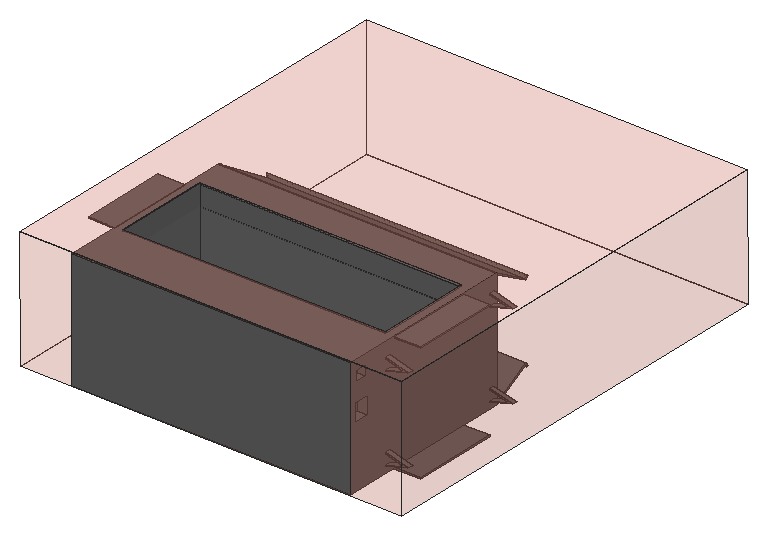
Revit family "HVAC_Fireplaces_Regency-Fireplace_Seattle-Gas-Fireplace_CST50E-3", category Specialty Equipment, host Face, Revit 2022
Family settings
  Host = Face
  Round Connector Dimension = Use Diameter
  Part Type = Normal
  OmniClass Number = 23.40.20.34.14
  OmniClass Title = Fireplaces
  Cut with Voids When Loaded = No
  Maintain Annotation Orientation = No
  Shared = No
  Room Calculation Point = No
Parameters (values of type "CST50E-NG")
  Width (lip to lip) = 23.19"  # constant formula
  Width = 62.38"  # constant formula
  Offset for back side note [instance] = "Cutting out the wall on the back side to install a fireplace in the middle of the wall"  # constant formula
  Offset for back side [instance] = 0"
  WIFI Dongle Instal = yes
  Voltage = 120 V
  Viewing opening width = 49.25"  # constant formula
  Viewing opening height = 18"  # constant formula
  Version = 1
  Ventilation flow = 0.0 L/s
  Vent Sizing [instance] = "5” Inner /8” Outer"  # constant formula
  Unit height = 41.56"  # constant formula
  Unit body width = 52.31"  # constant formula
  Unit body height = 41.56"  # constant formula
  Unit base to bottom opening = 10.13"  # constant formula
  URL = "https://www.regency-fire.com/en/default.aspx"
  Product data url = "https://bimobject.com/regency-fireplace-products/product/Seattle-See-Through-50-CST50E"
  Product Page URL = "https://www.regency-fire.com/en/Products/Gas/Designer-Gas-Fireplaces/CST50E"
  Product Documentation Link = "https://assets.regency-fire.com/getdoc/2705e629-61e2-47e5-886a-ab0fd8941888/Spec-Sheet-CST50E"
  Power Factor = 1
  Power Consumption = 0 W
  Pipe Diameter = 0.5"  # constant formula
  Orifce Size -Altitude 0-4500 ft = "# 36 DMS"
  Option 5_F [instance] = and(Installation clearance, and(Nom Option = 5, Nom Chase enclosure = 81.25"))  # no
  Option 3_F [instance] = and(Installation clearance, and(Nom Option = 3, Nom Chase enclosure = 81.25"))  # no
  Option 3_B(Wall) [instance] = and(Installation clearance, and(Nom Option = 3, Nom Chase enclosure < 81.25"))  # no
  Option 3_B [instance] = and(Installation clearance, or(and(Nom Option = 2, Nom Chase enclosure < 81.25"), and(Nom Option = 3, Nom Chase enclosure < 81.25")))  # no
  Option 2_F [instance] = and(Installation clearance, or(and(Nom Option = 2, Nom Chase enclosure = 81.25"), and(Nom Option = 3, Nom Chase enclosure = 81.25"), and(Nom Option = 4, Nom Chase enclosure = 81.25")))  # no
  Option 2_B [instance] = and(Installation clearance, or(and(Nom Option = 2, Nom Chase enclosure < 81.25"), and(Nom Option = 3, Nom Chase enclosure < 81.25"), and(Nom Option = 4, Nom Chase enclosure < 81.25"), and(Nom Option = 5, Nom Chase enclosure < 81.25")))  # no
  Option 1_F [instance] = and(Installation clearance, or(and(Nom Option = 1, Nom Chase enclosure = 81.25"), and(Nom Option = 2, Nom Chase enclosure = 81.25")))  # yes
  Option 1_B [instance] = and(Installation clearance, or(and(Nom Option = 1, Nom Chase enclosure < 81.25"), and(Nom Option = 4, Nom Chase enclosure < 81.25")))  # no
  Offset [instance] = 0"
  Number of Poles = 1
  Nom Wall Thickness [instance] = if(Offset for back side < 22.6" + Offset, 22.6" + Offset, Offset for back side)  # 22.6"
  Nom Option [instance] = if(or([Installation options (ventilation openings)] < 1, [Installation options (ventilation openings)] = 1), 1, if(and([Installation options (ventilation openings)] > 1, [Installation options (ventilation openings)] < 5), [Installation options (ventilation openings)], if(or([Installation options (ventilation openings)] > 5, [Installation options (ventilation openings)] = 5), 5, 0)))  # 1
  Nom Chase enclosure [instance] = if(or(Chase enclosure height < 52", Chase enclosure height = 52"), 52", if(and(Chase enclosure height > 52", Chase enclosure height < 81.25"), Chase enclosure height, if(or(Chase enclosure height > 81.25", Chase enclosure height = 81.25"), 81.25", 0")))  # 81.25"
  Nailing strip = 62.38"  # constant formula
  Model = "CST50E-NG"
  Minimum Supply Pressure = "5” W.C. (1.25 kPa)"
  Minimum Input Altitude 0-4500 ft. (0-1372m) = "19,000Btu/h (5.56 kW)"
  Maximum Input Altitude 0-4500 ft. (0-1372m) = "35,000 Btu/h (10.25 kW)"
  Manufacturer = "Regency Fireplace"  # constant formula
  Mantel leg clearance [instance] = no
  Mantel clearance [instance] = no
  Manifold Pressure - Low = "1.1” W.C. (0.27 kPa)"
  Manifold Pressure - High = "3.8” W.C. (0.94 kPa)"
  Installation type (dependent on the Chase enclosure height) [instance] = if(and(Nom Chase enclosure > 51.97", Chase enclosure height < 81.25"), "Bench Installation", if(or(Nom Chase enclosure = 81.25", Nom Chase enclosure > 81.25"), "Flush Installation", ""))  # "Flush Installation"
  Installation options note [instance] = if(and([Installation options (ventilation openings)] = 1, Nom Chase enclosure > 81.22047"), "Option 1 - Front", if(and([Installation options (ventilation openings)] = 2, Nom Chase enclosure > 81.22047"), "Option 2 - Front/Side ", if(and([Installation options (ventilation openings)] = 3, Nom Chase enclosure > 81.22047"), "Option 3 - Both Sides", if(and([Installation options (ventilation openings)] = 4, Nom Chase enclosure > 81.22047"), "Option 4 - One Side", if(and([Installation options (ventilation openings)] = 5, Nom Chase enclosure > 81.22047"), "Option 5 - Reveal at Top", if(and([Installation options (ventilation openings)] = 1, Nom Chase enclosure < 81.22047"), "Option 1 - Top", if(and([Installation options (ventilation openings)] = 2, Nom Chase enclosure < 81.22047"), "Option 2 - Front and Back", if(and([Installation options (ventilation openings)] = 3, Nom Chase enclosure < 81.22047"), "Option 3 - Front/Back Wall with second ventilation in separate room", if(and([Installation options (ventilation openings)] = 4, Nom Chase enclosure < 81.22047"), "Option 4 - Top and Front", if(and([Installation options (ventilation openings)] = 5, Nom Chase enclosure < 81.22047"), "Option 5 - Front", "Enter value 1 to 5"))))))))))  # "Option 1 - Front"
  Installation options (ventilation openings) [instance] = 1
  Installation clearance [instance] = yes
  Inner Panel Material = Regency Fireplace - Glass - Black Inner Panel
  Housing Material = Regency Fireplace - Metal - Black
  Height Wall [instance] = if(Chase enclosure height > 81.25", Chase enclosure height, if(Nom Chase enclosure = 81.25", 82", 81.25"))  # 82"
  Height = 41.56"  # constant formula
  Glass center to standoff = 30.63"  # constant formula
  Gas flow = 0.0 L/s
  Gas Flow Minimum Supply Pressure = "5\" WC/C.E. (0.94kPa)"
  Gas Connector Description = "Natural gas supply"
  Fuel Type = "Natural Gas"
  Frequency = 0 Hz
  Firebed Material [instance] = Regency Fireplace - Wood - Birch Log Set Firebed
  Faceplate Material = Regency Fireplace - Metal - Black
  Faceplate Installation [instance] = no
  Exhaust center to stand-off = 11.88"  # constant formula
  Duct Diameter = 8"  # constant formula
  Duct Connector Description = "5 Inner / 8 Outer"  # constant formula
  Description = "The Seattle See-Through 50” model is a stunning addition to our extremely popular City Series Lineup. Enjoy unmatched City Views from two rooms with our first see-through City Series designer gas fireplace. Featuring all the exceptional features of our entire City Series lineup, you can enjoy a frameless view of the fire (now from two sides!), finish direct to the edge of the fireplace with any material and hang TV's or artwork without worry with Regency's patented Cool Wall System."  # constant formula
  Depth = 23.19"  # constant formula
  Default Elevation = 0"  # constant formula
  Date Updated = ""
  Date Created = "2025/01/23"  # constant formula
  Chase enclosure height [instance] = 81.25"
  CSA P.4.1 = "57.49%"
  Apparent Load = Power Consumption / Power Factor  # 0 VA
Types (2): name | Orifce Size -Altitude 0-4500 ft | Option 1_F | Model | Minimum Supply Pressure | Minimum Input Altitude 0-4500 ft. (0-1372m) | Maximum Input Altitude 0-4500 ft. (0-1372m) | Manifold Pressure - Low | Manifold Pressure - High | Installation clearance | Gas Flow Minimum Supply Pressure | Gas Connector Description | Fuel Type | CSA P.4.1
  CST50E-NG | "# 36 DMS" | yes | "CST50E-NG" | "5” W.C. (1.25 kPa)" | "19,000Btu/h (5.56 kW)" | "35,000 Btu/h (10.25 kW)" | "1.1” W.C. (0.27 kPa)" | "3.8” W.C. (0.94 kPa)" | yes | "5\" WC/C.E. (0.94kPa)" | "Natural gas supply" | "Natural Gas" | "57.49%"
  CST50E-LP | "# 52 DMS" | no | "CST50E-LP" | "11” W.C. (2.73 kPa)" | "17,000 Btu/h (4.98 kW)" | "33,000 Btu/h (9.66 kW)" | "2.9” W.C. (0.72 kPa)" | "10.5” W.C. (2.62 kPa)" | no | "11\" WC/C.E. (0.72 kPa)" | "Propane gas supply" | "Propane" | "60.55%"
Reference planes (in)
  plane 1 "Center (Front/Back)": y = 0
  plane 2: z = 0
  plane 3 "Center (Left/Right)": x = 0
  plane 4: z = -11.3
  plane 5: z = -22.40157
  plane 6: z = -22.6
  plane 7: z = 0
  plane 8: z = -22.6
Forms (in)
  Extrusion 1, solid, material "Regency Fireplace - Metal - Black" <- "Housing Material"
    sketch origin (63.89446, 0, 0) x (-1, 0, 0) y (0, -1, 0)
      loop
        line (90.05071, 0) -> (37.73821, 0) -> (37.73821, -34.375) -> (90.05071, -34.375) -> (90.05071, 0)
    from -22.40157 to -0.19685
  Extrusion 2, void
    sketch origin (63.89446, 0, 0) x (0, -1, 0) y (-1, 0, 0)
      loop
        line (-41.5625, 95.08196) -> (-41.5625, 32.70696) -> (0, 32.70696) -> (0, 95.08196) -> (-41.5625, 95.08196)
    from 0.19685 to 22.40157
  Extrusion 3, void
    sketch origin (63.89446, 0, 0) x (0, -1, 0) y (-1, 0, 0)
      loop
        line (-10.11811, 88.51946) -> (-28.11024, 88.51946) -> (-28.11024, 39.26946) -> (-10.11811, 39.26946) -> (-10.11811, 88.51946)
    from 0 to 22.6
  Extrusion 4, solid, material "Regency Fireplace - Glass - Clear"
    sketch origin (63.89446, 0, 0) x (-1, 0, 0) y (0, 0, -1)
      loop
        line (39.26946, 3.93701) -> (88.51946, 3.93701) -> (88.51946, 4.13386) -> (39.26946, 4.13386) -> (39.26946, 3.93701)
      loop
        line (39.26946, 18.66142) -> (39.26946, 18.46457) -> (88.51946, 18.46457) -> (88.51946, 18.66142) -> (39.26946, 18.66142)
    from -28.11024 to -10.11811
  Extrusion 5, solid, material "Regency Fireplace - Wood - Birch Log Set Firebed" <- "Firebed Material", detail levels medium+fine
    sketch origin (63.89446, 0, 0) x (-1, 0, 0) y (0, 0, -1)
      loop
        line (88.51946, 18.46457) -> (39.26946, 18.46457) -> (39.26946, 4.13386) -> (88.51946, 4.13386) -> (88.51946, 18.46457)
    from -10.31496 to -10.11811
  Extrusion 6, solid, material "Regency Fireplace - Glass - Black Inner Panel" <- "Inner Panel Material", detail levels medium+fine
    sketch origin (63.89446, 0, 0) x (-1, 0, 0) y (0, 0, -1)
      loop
        line (39.53545, 18.46457) -> (39.26946, 18.46457) -> (39.26946, 4.13386) -> (39.53545, 4.13386) -> (39.53545, 18.46457)
    from -28.11024 to -10.31496
  Sweep 7, solid, material "Regency Fireplace - Metal - Black" <- "Housing Material"
    path in 3D
      loop
        line (26.15625, 34.375, -0.19685) -> (-26.15625, 34.375, -0.19685) -> (-26.15625, 34.375, -22.40157) -> (26.15625, 34.375, -22.40157)
    profile origin (0, 34.375, -0.19685) x (0, -1, 0) y (0, 0, 1)
      loop
        line (0, 0) -> (-6.73895, -3.89074) -> (-7.01702, -3.40911) -> (-7.1875, -3.50753) -> (-6.81101, -4.15964) -> (0, -0.2273) -> (0, 0)
  Extrusion 8, solid, material "Regency Fireplace - Metal - Black" <- "Housing Material"
    sketch origin (26.15625, 34.375, 0) x (-1, 0, 0) y (0, 0, 1)
      loop
        circle (7.43375, -11.20079) r 4
    from 0 to 0.18014
  Extrusion 9, void
    sketch origin (26.15625, 0, 0) x (0, 1, 0) y (0, 0, 1)
      loop
        line (1.28661, -2.02716) -> (1.28661, -3.99566) -> (3.64881, -3.99566) -> (3.64881, -2.02716) -> (1.28661, -2.02716)
      loop
        line (0.89291, -7.33852) -> (0.89291, -10.68979) -> (4.04252, -10.68979) -> (4.04252, -7.33852) -> (0.89291, -7.33852)
    from -2.03073 to 0
  Extrusion 10, solid
    sketch origin (24.12552, 0, 0) x (0, 1, 0) y (0, 0, 1)
      loop
        circle (2.46771, -3.01141) r 0.25197
    from 0 to 1.08482
  Extrusion 11, solid, material "Regency Fireplace - Clearance", visible <- "Installation clearance"
    sketch origin (63.89446, 0, 0) x (-1, 0, 0) y (0, 0, -1)
      loop
        line (28.01946, 0) -> (99.76946, 0) -> (99.76946, 22.6) -> (28.01946, 22.6) -> (28.01946, 0)
    from 0 to -81.25
  Extrusion 12, solid, material "Regency Fireplace - Clearance", visible <- "Option 5_F"
    sketch origin (63.89446, 81.25, 0) x (1, 0, 0) y (0, 0, -1)
      loop
        line (-28.01946, 0) -> (-28.01946, 22.6) -> (-99.76946, 22.6) -> (-99.76946, 0) -> (-28.01946, 0)
    from 0 to 1.73228
  Extrusion 13, solid, material "Regency Fireplace - Clearance", visible <- "Option 3_B(Wall)"
    sketch origin (63.89446, 81.25, 22.59843) x (1, 0, 0) y (0, 0, -1)
      loop
        line (-99.76946, 31.93071) -> (-28.01946, 31.93071) -> (-28.01946, 35.86772) -> (-99.76946, 35.86772) -> (-99.76946, 31.93071)
    from 0 to 0.75
  Extrusion 14, solid, material "Regency Fireplace - Clearance", visible <- "Mantel leg clearance"
    sketch origin (63.89446, 0, 0) x (-1, 0, 0) y (0, 0, -1)
      loop
        line (22.76946, 0) -> (22.76946, -12) -> (28.26946, -9) -> (33.76946, -7) -> (39.26946, -5) -> (39.26946, 0) -> (22.76946, 0)
      loop
        line (105.01946, 0) -> (88.51946, 0) -> (88.51946, -5) -> (94.01946, -7) -> (99.51946, -9) -> (105.01946, -12) -> (105.01946, 0)
      loop
        line (22.76946, 22.59843) -> (39.26946, 22.59843) -> (39.26946, 27.59843) -> (33.76946, 29.59843) -> (28.26946, 31.59843) -> (22.76946, 34.59843) -> (22.76946, 22.59843)
      loop
        line (105.01946, 22.59843) -> (105.01946, 34.59843) -> (99.51946, 31.59843) -> (94.01946, 29.59843) -> (88.51946, 27.59843) -> (88.51946, 22.59843) -> (105.01946, 22.59843)
    from 0 to -81.25
  Extrusion 15, solid, material "Regency Fireplace - Metal - Black" <- "Faceplate Material", visible <- "Faceplate Installation"
    sketch origin (63.89446, 0, 0) x (-1, 0, 0) y (0, -1, 0)
      loop
        line (88.51946, -28.11024) -> (88.51946, -10.11811) -> (39.26946, -10.11811) -> (39.26946, -28.11024) -> (88.51946, -28.11024)
      loop
        line (90.48796, -8.14961) -> (37.30096, -8.14961) -> (37.30096, -30.07874) -> (90.48796, -30.07874) -> (90.48796, -8.14961)
    from 0 to 0.3937
  Extrusion 16, solid, material "Regency Fireplace - Metal - Black" <- "Faceplate Material", visible <- "Faceplate Installation"
    sketch origin (63.89446, 0, 0) x (-1, 0, 0) y (0, -1, 0)
      loop
        line (88.51946, -28.11024) -> (88.51946, -10.11811) -> (39.26946, -10.11811) -> (39.26946, -28.11024) -> (88.51946, -28.11024)
      loop
        line (90.48796, -8.14961) -> (37.30096, -8.14961) -> (37.30096, -30.07874) -> (90.48796, -30.07874) -> (90.48796, -8.14961)
    from -22.99213 to -22.59843
  Sweep 17, solid, material "Regency Fireplace - Clearance", visible <- "Mantel clearance"
    path origin (63.89446, 0, 0) x (-1, 0, 0) y (0, 0, -1)
      loop
        line (28.01946, 0.19685) -> (99.76946, 0.19685)
    profile origin (0, 0, -0.19685) x (0, 0, -1) y (0, -1, 0)
      loop
        line (-0.19685, -28.11024) -> (-5.43307, -28.11024) -> (-5.43307, -28.61024) -> (-12.1922, -37.11024) -> (-0.19685, -37.11024) -> (-0.19685, -28.11024)
      loop
        line (22.40157, -28.11024) -> (22.40157, -37.11024) -> (34.39693, -37.11024) -> (27.6378, -28.61024) -> (27.6378, -28.11024) -> (22.40157, -28.11024)
  Extrusion 18, solid, material "Regency Fireplace - Metal - Black" <- "Housing Material"
    sketch origin (-30.03125, 34.375, -0.17717) x (1, 0, 0) y (0, 0, -1)
      loop
        line (56.1875, 0.01969) -> (61.21875, 0.01969) -> (61.21875, 0.21654) -> (56.1875, 0.21654) -> (56.1875, 0.01969)
      loop
        line (56.1875, 22.22441) -> (56.1875, 22.02756) -> (61.21875, 22.02756) -> (61.21875, 22.22441) -> (56.1875, 22.22441)
      loop
        line (3.875, 0.01969) -> (3.875, 0.21654) -> (-1.15625, 0.21654) -> (-1.15625, 0.01969) -> (3.875, 0.01969)
      loop
        line (3.875, 22.22441) -> (-1.15625, 22.22441) -> (-1.15625, 22.02756) -> (3.875, 22.02756) -> (3.875, 22.22441)
    from -24.25689 to -7.95276
  Extrusion 19, solid, material "Regency Fireplace - Metal - Black" <- "Housing Material"
    sketch origin (-1.9375, 0, -0.17717) x (1, 0, 0) y (0, 0, 1)
      loop
        line (28.09375, -4.88924) -> (32.535, -3.69921) -> (28.09375, -2.50918) -> (28.09375, -2.71624) -> (31.76226, -3.69921) -> (28.09375, -4.68219) -> (28.09375, -4.88924)
      loop
        line (28.09375, -18.49918) -> (28.09375, -18.70624) -> (31.76226, -19.68921) -> (28.09375, -20.67219) -> (28.09375, -20.87924) -> (32.535, -19.68921) -> (28.09375, -18.49918)
    from -33.5 to -32.5
  Extrusion 20, solid, material "Regency Fireplace - Metal - Black" <- "Housing Material"
    sketch origin (-1.9375, -27, -0.17717) x (1, 0, 0) y (0, 0, 1)
      loop
        line (28.09375, -4.88924) -> (32.535, -3.69921) -> (28.09375, -2.50918) -> (28.09375, -2.71624) -> (31.76226, -3.69921) -> (28.09375, -4.68219) -> (28.09375, -4.88924)
      loop
        line (28.09375, -18.49918) -> (28.09375, -18.70624) -> (31.76226, -19.68921) -> (28.09375, -20.67219) -> (28.09375, -20.87924) -> (32.535, -19.68921) -> (28.09375, -18.49918)
    from -36 to -35
Cuts and joins
  Extrusion 3, Extrusion 9 cuts Extrusion 1
  Extrusion 3 cuts Extrusion 11
Lines and regions (in)
  Masking region 1
    outline origin (0, 0, 0) x (1, 0, 0) y (0, 0, 1)
      loop
        line (-26.15625, -0.19685) -> (-26.15625, -22.40157) -> (26.15625, -22.40157) -> (26.15625, -0.19685) -> (-26.15625, -0.19685)
  Masking region 2
    outline origin (0, 0, 0) x (1, 0, 0) y (0, 0, 1)
      loop
        circle (18.7225, -11.20079) r 4
  Masking region 3
    outline origin (0, 0, 0) x (1, 0, 0) y (0, 0, 1)
      loop
        line (-26.15625, -0.19685) -> (-26.15625, -22.40157) -> (26.15625, -22.40157) -> (26.15625, -18.24193) -> (-21.99661, -18.24193) -> (-21.99661, -4.35649) -> (26.15625, -4.35649) -> (26.15625, -0.19685) -> (-26.15625, -0.19685)
  Masking region 4, visible <- "Faceplate Installation"
    outline origin (0, 0, 0) x (1, 0, 0) y (0, 0, 1)
      loop
        line (-26.5935, -22.99213) -> (26.5935, -22.99213) -> (26.5935, -22.59843) -> (-26.5935, -22.59843) -> (-26.5935, -22.99213)
      loop
        line (26.5935, 0.3937) -> (-26.5935, 0.3937) -> (-26.5935, 0) -> (26.5935, 0) -> (26.5935, 0.3937)
  Masking region 5, visible <- "Mantel clearance"
    outline origin (0, 0, 0) x (1, 0, 0) y (0, 1, 0)
      loop
        line (-35.875, 37.11024) -> (-35.875, 28.11024) -> (35.875, 28.11024) -> (35.875, 37.11024) -> (-35.875, 37.11024)
  Masking region 6
    outline origin (0, 0, 0) x (1, 0, 0) y (0, 1, 0)
      loop
        line (-24.625, 28.11024) -> (-24.625, 10.11811) -> (24.625, 10.11811) -> (24.625, 28.11024) -> (-24.625, 28.11024)
  Masking region 7, visible <- "Faceplate Installation"
    outline origin (0, 0, 0) x (1, 0, 0) y (0, 1, 0)
      loop
        line (-24.625, 28.11024) -> (-24.625, 10.11811) -> (24.625, 10.11811) -> (24.625, 28.11024) -> (-24.625, 28.11024)
      loop
        line (-26.5935, 30.07874) -> (-26.5935, 8.14961) -> (26.5935, 8.14961) -> (26.5935, 30.07874) -> (-26.5935, 30.07874)
  Masking region 8, visible <- "Mantel leg clearance"
    outline origin (0, 0, 0) x (1, 0, 0) y (0, 1, 0)
      loop
        line (-41.125, 81.25) -> (-41.125, 0) -> (-35.625, 0) -> (-35.625, 81.25) -> (-41.125, 81.25)
      loop
        line (41.125, 81.25) -> (35.625, 81.25) -> (35.625, 0) -> (41.125, 0) -> (41.125, 81.25)
  Masking region 9, visible <- "Mantel leg clearance"
    outline origin (0, 0, 0) x (1, 0, 0) y (0, 1, 0)
      loop
        line (-24.625, 81.25) -> (-35.625, 81.25) -> (-35.625, 0) -> (-24.625, 0) -> (-24.625, 81.25)
      loop
        line (24.625, 81.25) -> (24.625, 0) -> (35.625, 0) -> (35.625, 81.25) -> (24.625, 81.25)
  Masking region 10, visible <- "Mantel leg clearance"
    outline origin (0, 0, 0) x (1, 0, 0) y (0, 0, 1)
      loop
        line (-30.125, 7) -> (-35.625, 9) -> (-41.125, 12) -> (-41.125, 0) -> (-24.625, 0) -> (-24.625, 5) -> (-30.125, 7)
      loop
        line (-35.625, -31.59843) -> (-30.125, -29.59843) -> (-24.625, -27.59843) -> (-24.625, -22.59843) -> (-41.125, -22.59843) -> (-41.125, -34.59843) -> (-35.625, -31.59843)
      loop
        line (24.625, -27.59843) -> (30.125, -29.59843) -> (35.625, -31.59843) -> (41.125, -34.59843) -> (41.125, -22.59843) -> (24.625, -22.59843) -> (24.625, -27.59843)
      loop
        line (30.125, 7) -> (24.625, 5) -> (24.625, 0) -> (41.125, 0) -> (41.125, 12) -> (35.625, 9) -> (30.125, 7)
  Masking region 11, visible <- "Mantel clearance"
    outline origin (0, 0, 0) x (1, 0, 0) y (0, 0, 1)
      loop
        line (35.875, 11.99535) -> (-35.875, 11.99535) -> (-35.875, 0) -> (35.875, 0) -> (35.875, 11.99535)
      loop
        line (-35.875, -34.59378) -> (35.875, -34.59378) -> (35.875, -22.59843) -> (-35.875, -22.59843) -> (-35.875, -34.59378)
  sketch lines
    curve 1: line (26.15625, 34.375, -0.19685) -> (-26.15625, 34.375, -0.19685)
    curve 2: line (-26.15625, 34.375, -0.19685) -> (-26.15625, 34.375, -22.40157)
    curve 3: line (-26.15625, 34.375, -22.40157) -> (26.15625, 34.375, -22.40157)
  reference lines
    curve 4: line (-34.29327, 81.25, 0) -> (30.27366, 81.25, 0)
    curve 5: line (-36.55556, 82, 0) -> (30.27366, 82, 0)
    curve 6: line (35.875, 81.25, 0) -> (35.875, 81.25, -22.59843)
    curve 7: line (-35.875, 81.25, 0) -> (-35.875, 81.25, -22.59843)
    curve 8: line (-35.875, 81.25, -22.59843) -> (35.875, 81.25, -22.59843)
    curve 33: line (63.89446, 0, 0) -> (53.89446, 0, 0)
  model lines, style "Clearance", visible <- "Option 2_B"
    curve 9: line (-30, 79.2815, 0) -> (30, 79.2815, 0)
    curve 10: line (-30, 79.2815, 0) -> (-30, 77.27362, 0)
    curve 11: line (-30, 77.27362, 0) -> (30, 77.27362, 0)
    curve 12: line (30, 77.27362, 0) -> (30, 79.2815, 0)
  model lines, style "Clearance", visible <- "Option 1_F"
    curve 13: line (-30, 79.2815, 0) -> (30, 79.2815, 0)
    curve 14: line (-30, 79.2815, 0) -> (-30, 77.27362, 0)
    curve 15: line (-30, 77.27362, 0) -> (30, 77.27362, 0)
    curve 16: line (30, 77.27362, 0) -> (30, 79.2815, 0)
  model lines, style "Clearance", visible <- "Option 3_F"
    curve 17: line (35.875, 79.2815, -6.29921) -> (35.875, 79.2815, -16.29921)
    curve 18: line (35.875, 79.2815, -6.29921) -> (35.875, 67.2815, -6.29921)
    curve 19: line (35.875, 67.2815, -6.29921) -> (35.875, 67.2815, -16.29921)
    curve 20: line (35.875, 67.2815, -16.29921) -> (35.875, 79.2815, -16.29921)
  model lines, style "Clearance", visible <- "Option 2_F"
    curve 21: line (-35.875, 79.2815, -6.29921) -> (-35.875, 79.2815, -16.29921)
    curve 22: line (-35.875, 79.2815, -6.29921) -> (-35.875, 67.2815, -6.29921)
    curve 23: line (-35.875, 67.2815, -6.29921) -> (-35.875, 67.2815, -16.29921)
    curve 24: line (-35.875, 67.2815, -16.29921) -> (-35.875, 79.2815, -16.29921)
  model lines, style "Clearance", visible <- "Option 3_B"
    curve 25: line (-30, 79.2815, -22.59843) -> (30, 79.2815, -22.59843)
    curve 26: line (-30, 79.2815, -22.59843) -> (-30, 77.27362, -22.59843)
    curve 27: line (-30, 77.27362, -22.59843) -> (30, 77.27362, -22.59843)
    curve 28: line (30, 77.27362, -22.59843) -> (30, 79.2815, -22.59843)
  model lines, style "Clearance", visible <- "Option 1_B"
    curve 29: line (31.03248, 81.25, -12.30472) -> (-31.03248, 81.25, -12.30472)
    curve 30: line (31.03248, 81.25, -10.29685) -> (31.03248, 81.25, -12.30472)
    curve 31: line (-31.03248, 81.25, -10.29685) -> (31.03248, 81.25, -10.29685)
    curve 32: line (-31.03248, 81.25, -12.30472) -> (-31.03248, 81.25, -10.29685)
  symbolic lines, visible <- "Option 1_F"
    curve 34: line (-30, 79.2815, 0) -> (30, 79.2815, 0)
    curve 35: line (30, 79.2815, 0) -> (30, 77.27362, 0)
    curve 36: line (30, 77.27362, 0) -> (-30, 77.27362, 0)
    curve 37: line (-30, 77.27362, 0) -> (-30, 79.2815, 0)
  symbolic lines, visible <- "Option 2_B"
    curve 38: line (-30, 79.2815, 0) -> (30, 79.2815, 0)
    curve 39: line (30, 79.2815, 0) -> (30, 77.27362, 0)
    curve 40: line (30, 77.27362, 0) -> (-30, 77.27362, 0)
    curve 41: line (-30, 77.27362, 0) -> (-30, 79.2815, 0)
  symbolic lines, detail levels medium+fine
    curve 42: line (24.625, 10.31496, 0) -> (-24.625, 10.31496, 0)
    curve 43: line (-24.625, 10.31496, 0) -> (-24.625, 10.11811, 0)
    curve 44: line (-24.625, 10.11811, 0) -> (24.625, 10.11811, 0)
    curve 45: line (24.625, 10.11811, 0) -> (24.625, 10.31496, 0)
    curve 46: line (24.35902, 28.11024, 0) -> (24.35902, 10.31496, 0)
    curve 47: line (24.35902, 10.31496, 0) -> (24.625, 10.31496, 0)
    curve 48: line (24.625, 10.31496, 0) -> (24.625, 28.11024, 0)
    curve 49: line (24.625, 28.11024, 0) -> (24.35902, 28.11024, 0)
Dimensions and locks (in)
  "Nom Chase enclosure": plane 1 "Center (Front/Back)" to curve 4
  "Height Wall": plane 1 "Center (Front/Back)" to curve 5
  "Offset": curve 33 to plane 2
  Extrusion 20 sketch curve to Extrusion 20 sketch curve to Extrusion 20 sketch curve to Extrusion 20 sketch curve to Extrusion 20 sketch curve to Extrusion 20 sketch curve to plane 4 to Extrusion 20 sketch curve to Extrusion 20 sketch curve to Extrusion 20 sketch curve to Extrusion 20 sketch curve to Extrusion 20 sketch curve to Extrusion 20 sketch curve = 0.20706" locked, 0.98297" locked, 0" locked, 0.98297" locked, 0.20706" locked, 6.23359" locked, 7.37635" locked, 0.20706" locked, 0.98297" locked, 0" locked, 0.98297" locked, 0.20706" locked
  Extrusion 19 sketch curve to Extrusion 19 sketch curve to Extrusion 19 sketch curve to Extrusion 19 sketch curve to Extrusion 19 sketch curve to Extrusion 19 sketch curve to plane 4 to Extrusion 19 sketch curve to Extrusion 19 sketch curve to Extrusion 19 sketch curve to Extrusion 19 sketch curve to Extrusion 19 sketch curve to Extrusion 19 sketch curve = 0.20706" locked, 0.98297" locked, 0" locked, 0.98297" locked, 0.20706" locked, 6.23359" locked, 7.37635" locked, 0.20706" locked, 0.98297" locked, 0" locked, 0.98297" locked, 0.20706" locked
  Extrusion 18 sketch curve to Extrusion 18 sketch curve to plane 4 to Extrusion 18 sketch curve to Extrusion 18 sketch curve = 0.19685" locked, 10.9063" locked, 10.90472" locked, 0.19685" locked  (x2)
  Extrusion 18 sketch curve to plane 3 "Center (Left/Right)" to Extrusion 18 sketch curve = 31.1875" locked, 31.1875" locked
  "Offset for back side": plane 8 to plane 6
  locked: plane 5 to plane 6 at 0.19843
  "Offset": plane 2 to plane 7
  locked: plane 7 to plane 4 at 11.3
  Extrusion 11 sketch curve to plane 4 to Extrusion 11 sketch curve = 11.3" locked, 11.3" locked
  locked: plane 4 to plane 8 at 11.3
  aligned and locked: plane 2 to host face
  aligned and locked: level to host face
  aligned and locked: Extrusion 11 to curve 4
  aligned and locked: Extrusion 13 to curve 5
  aligned and locked: Extrusion 14 to curve 4
  aligned and locked: host face to Extrusion 3
  aligned and locked: Masking region 8 sketch curve to curve 4  (x2)
  aligned and locked: Masking region 9 sketch curve to curve 4
  aligned and locked: curve 4 to Masking region 9 sketch curve
  aligned and locked: Masking region 6 sketch curve to Extrusion 4  (x4)
  aligned and locked: Extrusion 18 sketch curve to Extrusion 18 sketch curve  (x2)
  aligned and locked: Extrusion 8 to cut or joined group of Extrusion 1, Extrusion 3, Extrusion 9
  aligned and locked: Masking region 2 sketch curve to Extrusion 8  (x2)
  aligned and locked: Sweep 17 to Masking region 5
  aligned and locked: Extrusion 2 sketch curve to Extrusion 18  (x2)
  aligned and locked: Extrusion 2 sketch curve to Sweep 7
  aligned and locked: level to Extrusion 3
  aligned and locked: Masking region 9 sketch curve to Extrusion 14  (x4)
  aligned and locked: Masking region 8 sketch curve to Masking region 9  (x2)
  aligned and locked: Masking region 8 sketch curve to Extrusion 14  (x2)
  aligned and locked: cut or joined group of Extrusion 3, Extrusion 11 to Sweep 17 sketch curve  (x2)
  aligned and locked: cut or joined group of Extrusion 3, Extrusion 11 to Masking region 5  (x2)
  aligned and locked: curve 7 to cut or joined group of Extrusion 3, Extrusion 11
  aligned and locked: curve 6 to cut or joined group of Extrusion 3, Extrusion 11
  aligned and locked: curve 26 to curve 14
  aligned and locked: curve 28 to curve 16
  aligned and locked: Masking region 7 to cut or joined group of Extrusion 1, Extrusion 3, Extrusion 9  (x2)
  aligned and locked: Masking region 7 to Extrusion 15  (x2)
  aligned and locked: Extrusion 16 to cut or joined group of Extrusion 1, Extrusion 3, Extrusion 9  (x2)
  aligned and locked: Extrusion 16 to Extrusion 15
  aligned and locked: Extrusion 16 sketch curve to Extrusion 15
  aligned and locked: cut or joined group of Extrusion 1, Extrusion 3, Extrusion 9 to Extrusion 6
  aligned and locked: curve 35 to curve 28
  aligned and locked: curve 36 to curve 27
  aligned and locked: curve 37 to curve 26
  aligned and locked: curve 38 to curve 25
  aligned and locked: Masking region 10 sketch curve to Extrusion 14  (x24)
  aligned and locked: Masking region 11 sketch curve to Sweep 17  (x6)
  aligned and locked: Sweep 17 to Masking region 11 sketch curve  (x2)
  aligned and locked: Masking region 3 sketch curve to Sweep 7  (x8)
  aligned and locked: Masking region 1 sketch curve to cut or joined group of Extrusion 1, Extrusion 3, Extrusion 9  (x4)
  aligned and locked: curve 42 to Extrusion 5
  aligned and locked: curve 43 to Extrusion 5
  aligned and locked: curve 44 to Extrusion 5
  aligned and locked: curve 45 to Extrusion 5
  aligned and locked: curve 46 to Extrusion 6
  aligned and locked: curve 47 to Extrusion 6
  aligned and locked: curve 48 to Extrusion 6
  aligned and locked: curve 49 to Extrusion 6
  aligned and locked: curve 33 to cut or joined group of Extrusion 3, Extrusion 11
  aligned and locked: Masking region 4 sketch curve to Extrusion 16  (x4)
  aligned and locked: Masking region 4 sketch curve to Extrusion 15  (x4)
  aligned and locked: Extrusion 3 to plane 6
Automatic sketch dimensions
  host sketch curve to host sketch curve = 96"  (x2)
  Extrusion 9 sketch curve to Extrusion 1 = 0.89291"
  Extrusion 9 sketch curve to Extrusion 1 = 1.28661"
  Extrusion 9 sketch curve to Extrusion 9 sketch curve = 2.3622"
  Extrusion 9 sketch curve to Extrusion 9 sketch curve = 3.14961"
  Extrusion 1 to Extrusion 9 sketch curve = 10.49294"
  Extrusion 9 sketch curve to Extrusion 9 sketch curve = 3.35127"
  Extrusion 9 sketch curve to Extrusion 9 sketch curve = 3.34286"
  Extrusion 1 to Extrusion 9 sketch curve = 1.83031"
  Extrusion 10 sketch curve to Extrusion 9 = 1.1811"
  Extrusion 10 sketch curve to Extrusion 9 = 0.98425"
  Extrusion 12 sketch curve to Extrusion 11 = 0"  (x3)
  Extrusion 11 to Extrusion 12 sketch curve = 0"
  Extrusion 13 sketch curve to Extrusion 11 = 0"
  Extrusion 11 to Extrusion 13 sketch curve = 0"
  Extrusion 13 sketch curve to Extrusion 13 sketch curve = 3.93701"
  Extrusion 11 to Extrusion 13 sketch curve = 13.26772"
  curve 7 to curve 4 = 0"
  curve 6 to curve 4 = 0"
  curve 7 to curve 4 = 1.58173"
  curve 4 to curve 6 = 5.60134"
  curve 8 to curve 4 = 22.59843"
  curve 4 to curve 11 = 3.97638"
  curve 4 to curve 10 = 1.9685"
  curve 6 to curve 19 = 6.29921"
  curve 18 to curve 6 = 1.9685"
  curve 6 to curve 19 = 13.9685"
  curve 19 to curve 6 = 6.29921"
  curve 7 to curve 23 = 6.29921"
  curve 23 to curve 7 = 6.29921"
  curve 21 to curve 7 = 1.9685"
  curve 7 to curve 23 = 13.9685"
  curve 8 to curve 25 = 1.9685"
  curve 25 to curve 27 = 2.00787"
  curve 8 to curve 27 = 5.875"
  curve 27 to curve 8 = 5.875"
  curve 32 to Extrusion 11 = 4.84252"
  curve 30 to Extrusion 11 = 4.84252"
  curve 31 to Extrusion 11 = 12.30315"
  curve 31 to curve 32 = 2.00787"
  Masking region 7 sketch curve to plane 1 "Center (Front/Back)" = 8.14961"
  Masking region 7 sketch curve to plane 3 "Center (Left/Right)" = 26.5935"
  Masking region 7 sketch curve to Masking region 7 sketch curve = 1.9685"  (x4)
  plane 3 "Center (Left/Right)" to Masking region 7 sketch curve = 24.625"
  Masking region 7 sketch curve to Masking region 7 sketch curve = 17.99213"
  curve 33 to Extrusion 11 sketch curve = 18.01946"
  Extrusion 11 sketch curve to Extrusion 11 sketch curve = 71.75"
  Extrusion 1 sketch curve to curve 33 = 0"
  curve 33 to Extrusion 1 sketch curve = 27.73821"
  Extrusion 1 sketch curve to Extrusion 1 sketch curve = 52.3125"
  Extrusion 1 sketch curve to Extrusion 1 sketch curve = 34.375"
  Sweep 17 sketch curve to curve 33 = 0.19685"
  curve 33 to Extrusion 15 sketch curve = 27.30096"
  Extrusion 15 sketch curve to Extrusion 15 sketch curve = 1.9685"  (x4)
  curve 33 to Extrusion 15 sketch curve = 10.11811"
  Extrusion 15 sketch curve to Extrusion 15 sketch curve = 49.25"
  Extrusion 15 sketch curve to Extrusion 15 sketch curve = 17.99213"
  Extrusion 5 sketch curve to curve 33 = 4.13386"
  curve 33 to Extrusion 5 sketch curve = 29.26946"
  Extrusion 5 sketch curve to curve 33 = 18.46457"
  Extrusion 5 sketch curve to Extrusion 5 sketch curve = 49.25"
  Extrusion 4 sketch curve to curve 33 = 3.93701"
  curve 33 to Extrusion 4 sketch curve = 29.26946"
  Extrusion 4 sketch curve to Extrusion 4 sketch curve = 0"  (x2)
  Extrusion 4 sketch curve to curve 33 = 18.66142"
  Extrusion 4 sketch curve to Extrusion 4 sketch curve = 49.25"
  Extrusion 4 sketch curve to curve 33 = 4.13386"
  Extrusion 4 sketch curve to Extrusion 4 sketch curve = 0.19685"
  Extrusion 6 sketch curve to curve 33 = 4.13386"
  curve 33 to Extrusion 6 sketch curve = 29.26946"
  Extrusion 6 sketch curve to Extrusion 6 sketch curve = 0.26598"
  Extrusion 6 sketch curve to Extrusion 6 sketch curve = 14.33071"
  curve 33 to Extrusion 3 sketch curve = 10.11811"
  curve 33 to Extrusion 3 sketch curve = 29.26946"
  curve 33 to Extrusion 3 sketch curve = 28.11024"
  Extrusion 3 sketch curve to Extrusion 3 sketch curve = 49.25"
  profile plane to Sweep 17 sketch curve = 12.1922"
  profile plane to Sweep 17 sketch curve = 5.43307"
  profile plane to Sweep 17 sketch curve = 0.19685"
  Sweep 17 sketch curve to profile plane = 22.40157"
  Sweep 17 sketch curve to Sweep 17 sketch curve = 5.23622"
  Sweep 17 sketch curve to Sweep 17 sketch curve = 6.75913"
  Sweep 17 sketch curve to profile plane = 37.11024"
  Sweep 17 sketch curve to Sweep 17 sketch curve = 0"
  Sweep 17 sketch curve to Sweep 17 sketch curve = 8.5"  (x2)
  Sweep 17 sketch curve to Sweep 17 sketch curve = 0.5"  (x2)
  Masking region 5 sketch curve to plane 3 "Center (Left/Right)" = 35.875"
  plane 3 "Center (Left/Right)" to Masking region 5 sketch curve = 35.875"
  Masking region 5 sketch curve to plane 1 "Center (Front/Back)" = 28.11024"
  Masking region 5 sketch curve to Masking region 5 sketch curve = 9"
  Extrusion 14 sketch curve to curve 33 = 0"  (x2)
  curve 33 to Extrusion 14 sketch curve = 12.76946"  (x2)
  Extrusion 14 sketch curve to Extrusion 14 sketch curve = 5.5"  (x12)
  curve 33 to Extrusion 14 sketch curve = 7"  (x2)
  Extrusion 14 sketch curve to Extrusion 14 sketch curve = 49.25"
  Extrusion 14 sketch curve to Extrusion 14 sketch curve = 0"
  Extrusion 14 sketch curve to curve 33 = 29.59843"
  curve 33 to Extrusion 14 sketch curve = 9"
  Extrusion 14 sketch curve to curve 33 = 31.59843"
  Extrusion 14 sketch curve to curve 33 = 12"
  Extrusion 14 sketch curve to Extrusion 14 sketch curve = 3"  (x3)
  Extrusion 14 sketch curve to Extrusion 14 sketch curve = 2"  (x3)
  curve 33 to Extrusion 14 sketch curve = 5"  (x2)
  curve 33 to Extrusion 14 sketch curve = 22.59843"
  Extrusion 14 sketch curve to Extrusion 14 sketch curve = 7"
  Extrusion 14 sketch curve to Extrusion 14 sketch curve = 5"  (x2)
  plane 1 "Center (Front/Back)" to Masking region 8 sketch curve = 0"  (x2)
  Sweep 7 sketch curve to profile plane = 0"  (x2)
  profile plane to Sweep 7 sketch curve = 6.73895"
  Sweep 7 sketch curve to Sweep 7 sketch curve = 0.07205"
  Sweep 7 sketch curve to profile plane = 3.40911"
  Sweep 7 sketch curve to Sweep 7 sketch curve = 0.27807"
  Sweep 7 sketch curve to Sweep 7 sketch curve = 0.17048"
  plane 3 "Center (Left/Right)" to Extrusion 19 sketch curve = 26.15625"
  Extrusion 19 sketch curve to Extrusion 19 sketch curve = 0"  (x3)
  Extrusion 19 sketch curve to Extrusion 19 sketch curve = 3.66851"  (x2)
  Extrusion 19 sketch curve to Extrusion 19 sketch curve = 0.77274"  (x2)
  plane 3 "Center (Left/Right)" to Extrusion 20 sketch curve = 26.15625"
  Extrusion 20 sketch curve to Extrusion 20 sketch curve = 0"  (x3)
  Extrusion 20 sketch curve to Extrusion 20 sketch curve = 3.66851"  (x2)
  Extrusion 20 sketch curve to Extrusion 20 sketch curve = 0.77274"  (x2)
  Extrusion 18 sketch curve to Extrusion 18 sketch curve = 5.03125"  (x3)
  Extrusion 18 sketch curve to Extrusion 18 sketch curve = 0"
  Extrusion 1 to Extrusion 8 sketch curve = 7.43375"
  Extrusion 1 to Extrusion 8 sketch curve = 11.00394"
  Extrusion 2 sketch curve to curve 33 = 0"
  plane 1 "Center (Front/Back)" to Masking region 9 sketch curve = 0"  (x2)
  Extrusion 16 sketch curve to Extrusion 16 sketch curve = 1.9685"  (x4)
  curve 33 to Extrusion 16 sketch curve = 10.11811"
  Extrusion 16 sketch curve to Extrusion 16 sketch curve = 49.25"
  Extrusion 16 sketch curve to Extrusion 16 sketch curve = 17.99213"
  Masking region 10 sketch curve to Masking region 10 sketch curve = 5.5"  (x4)
  curve 44 to plane 1 "Center (Front/Back)" = 10.11811"
  curve 44 to plane 3 "Center (Left/Right)" = 24.625"
  plane 3 "Center (Left/Right)" to curve 44 = 24.625"
  curve 45 to curve 45 = 0.19685"
  curve 46 to curve 42 = 0.26598"
  curve 42 to curve 49 = 17.79528"
  curve 5 to plane 3 "Center (Left/Right)" = 36.55556"
  plane 3 "Center (Left/Right)" to curve 5 = 30.27366"
  plane 3 "Center (Left/Right)" to curve 33 = 53.89446"
  curve 33 to curve 33 = 10"
  curve 33 to curve 4 = 23.6208"
  curve 4 to curve 4 = 64.56693"
  radius of Extrusion 10 sketch curve = 0.25197"
  radius of Extrusion 8 sketch curve = 4"
Connectors (in)
  piping at (25.21034, 2.46771, -3.01141), diameter 0.5, driven by "Gas flow", driven by "Gas Connector Description", driven by "Pipe Diameter"
    settings: on Extrusion 10, index 1, connector inside diameter 609.6 mm, connector length 0", flow factor 0, pipe flow 0.0 L/s, pressure drop 0.0 Pa, fitting loss kfactor 0, connector angle 0.00°, fixture units 0, engagement length 0", angle of deflection 0.00°, flow configuration 0, flow direction 1, fitting loss method 0, system type 22, joint type 0, gender type 0, connector reference index -1, connector utility 0, adjustable connector no, is connector primary yes, connector description "Natural gas supply"
  electrical at (24.12552, 2.46771, -9.01416), driven by "Number of Poles", driven by "Voltage", driven by "Apparent Load", driven by "Apparent Load", driven by "Power Factor"
    settings: on cut or joined group of Extrusion 1, Extrusion 3, Extrusion 9, index 2, voltage 120 V, apparent load 0 VA, apparent load phase1 0 VA, apparent load phase2 0 VA, apparent load phase3 0 VA, power factor 1, load classification "Other", number of poles 1, system type 30, power factor state 1, is connector primary yes, connector utility no, sub classification motor no, connector description "120V, Power connector"
  hvac at (18.7225, 34.55514, -11.20079), driven by "Duct Diameter", driven by "Ventilation flow", driven by "Duct Connector Description"
    settings: on Extrusion 8, index 3, duct flow 0.0 L/s, flow factor 0, pres drop 0.0 Pa, loss coef 0, conn angle 0.00°, conn width 304.8 mm, conn height 304.8 mm, conn diameter 203.2 mm, duct sys type 3, conn prof type 0, flow config 0, flow direction 0, loss method 0, conn ref index -1, conn util no, is conn primary yes, conn desc "5 Inner / 8 Outer"
